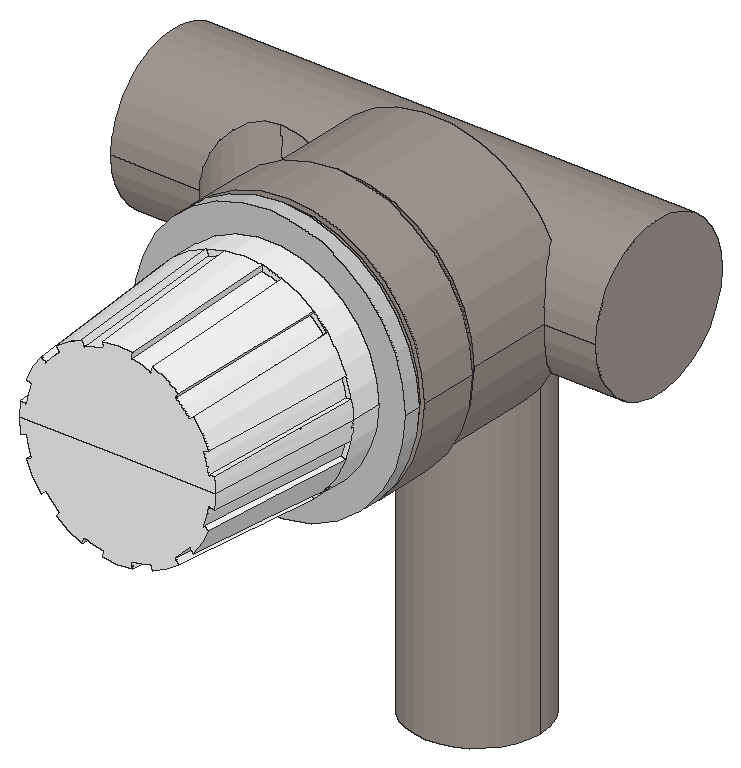
Revit family "PA_Арматура трубопроводов [клапан термостатический под приварку, VT.035]1 - VALTEC", category Арматура трубопроводов, Revit 2018
Family settings
  Размер круглого соединителя = Использовать диаметр
  Тип детали = Вставляется
  На основе рабочей плоскости = Нет
  Всегда вертикально = Да
  При загрузке вырезать с полостями = Нет
  Общий = Нет
Parameters (values of type "VT.035")
  угол 1 [instance] = if(Правый, 50.00°, 130.00°)  # 50.00°
  Таблица 1 = "PA_Арматура трубопроводов [клапан термостатический под приварку, VT.035] - VALTEC - Таблица 1"  # constant formula
  Правый [instance] = yes
  Материал доп.2 = Сталь, нержавеющая - VALTEC
  Материал доп.1 = Черный - VALTEC
  Левый [instance] = not(Правый)  # no
  Изготовитель = "VALTEC"  # constant formula
  Головка термостатическая [instance] = Колпачок : Колпачок
  n [instance] = if(Правый, 1 mm, 2 mm)  # 1 mm
  c7 [instance] = size_lookup(Таблица 1, "c7", 0 mm, n, D1)  # 2.6 mm
  c6 [instance] = size_lookup(Таблица 1, "c6", 0 mm, n, D1)  # 1.3 mm
  c5 [instance] = size_lookup(Таблица 1, "c5", 0 mm, n, D1)  # 9.9 mm
  c4 [instance] = size_lookup(Таблица 1, "c4", 0 mm, n, D1)  # 1.5 mm
  c3 [instance] = size_lookup(Таблица 1, "c3", 0 mm, n, D1)  # 18.8 mm
  c2 [instance] = size_lookup(Таблица 1, "c2", 0 mm, n, D1)  # 2.5 mm
  c1 [instance] = size_lookup(Таблица 1, "c1", 0 mm, n, D1)  # 6.2 mm
  b3 [instance] = size_lookup(Таблица 1, "b3", 0 mm, n, D1)  # -18 mm
  b2 [instance] = size_lookup(Таблица 1, "b2", 0 mm, n, D1)  # -51 mm
  MM_Геометрия [instance] = if(Головка термостатическая = [1!!!НЕ ИЗМЕНЯТЬ!!!], MM_1!!!НЕ ИЗМЕНЯТЬ!!!, if(Головка термостатическая = [2!!!НЕ ИЗМЕНЯТЬ!!!], MM_2!!!НЕ ИЗМЕНЯТЬ!!!, if(Головка термостатическая = [3!!!НЕ ИЗМЕНЯТЬ!!!], MM_3!!!НЕ ИЗМЕНЯТЬ!!!, if(Головка термостатическая = [4!!!НЕ ИЗМЕНЯТЬ!!!], MM_4!!!НЕ ИЗМЕНЯТЬ!!!, if(Головка термостатическая = [5!!!НЕ ИЗМЕНЯТЬ!!!], MM_4!!!НЕ ИЗМЕНЯТЬ!!!, if(Головка термостатическая = [6!!!НЕ ИЗМЕНЯТЬ!!!], MM_5!!!НЕ ИЗМЕНЯТЬ!!!, if(Головка термостатическая = [7!!!НЕ ИЗМЕНЯТЬ!!!], MM_6!!!НЕ ИЗМЕНЯТЬ!!!, if(Головка термостатическая = [8!!!НЕ ИЗМЕНЯТЬ!!!], MM_6!!!НЕ ИЗМЕНЯТЬ!!!, if(Головка термостатическая = [9!!!НЕ ИЗМЕНЯТЬ!!!], MM_6!!!НЕ ИЗМЕНЯТЬ!!!, if(Головка термостатическая = [10!!!НЕ ИЗМЕНЯТЬ!!!], MM_6!!!НЕ ИЗМЕНЯТЬ!!!, if(Головка термостатическая = [11!!!НЕ ИЗМЕНЯТЬ!!!], MM_7!!!НЕ ИЗМЕНЯТЬ!!!, if(Головка термостатическая = [12!!!НЕ ИЗМЕНЯТЬ!!!], MM_7!!!НЕ ИЗМЕНЯТЬ!!!, if(Головка термостатическая = [13!!!НЕ ИЗМЕНЯТЬ!!!], MM_7!!!НЕ ИЗМЕНЯТЬ!!!, MM_8!!!НЕ ИЗМЕНЯТЬ!!!)))))))))))))  # MM_Обобщенные модели [колпачок, VT.033.N] - VALTEC : VT.TE3042.0
  MM_8!!!НЕ ИЗМЕНЯТЬ!!! = MM_Обобщенные модели [колпачок, VT.033.N] - VALTEC : VT.TE3042.0
  MM_7!!!НЕ ИЗМЕНЯТЬ!!! = MM_Обобщенные модели [сервопривод электрический, VT.TE3042] - VALTEC : VT.TE3042.0
  MM_6!!!НЕ ИЗМЕНЯТЬ!!! = MM_Обобщенные модели [сервопривод электрический, VT.TE3040] - VALTEC : VT.TE3040
  MM_5!!!НЕ ИЗМЕНЯТЬ!!! = MM_Обобщенные модели [cервопривод EQUICALOR, VT.AS1000] - VALTEC : VT.AS1000
  MM_4!!!НЕ ИЗМЕНЯТЬ!!! = MM_Обобщенные модели [головка термостатическая жидкостная, VT.5000.0] - VALTEC : VT.5000.0 - VT.5010.0
  MM_3!!!НЕ ИЗМЕНЯТЬ!!! = MM_Обобщенные модели [головка термостатическая жидкостная, VT.3000.0] - VALTEC : VT.3000.0
  MM_2!!!НЕ ИЗМЕНЯТЬ!!! = MM_Обобщенные модели [головка термостатическая жидкостная, VT.1500.0] - VALTEC : VT.1500.0
  MM_1!!!НЕ ИЗМЕНЯТЬ!!! = MM_Обобщенные модели [головка термостатическая твердотельная, VT.1000.0] - VALTEC : VT.1000.0
  ME_Информация [instance] = if(Головка термостатическая = [1!!!НЕ ИЗМЕНЯТЬ!!!], ME_1!!!НЕ ИЗМЕНЯТЬ!!!, if(Головка термостатическая = [2!!!НЕ ИЗМЕНЯТЬ!!!], ME_2!!!НЕ ИЗМЕНЯТЬ!!!, if(Головка термостатическая = [3!!!НЕ ИЗМЕНЯТЬ!!!], ME_3!!!НЕ ИЗМЕНЯТЬ!!!, if(Головка термостатическая = [4!!!НЕ ИЗМЕНЯТЬ!!!], ME_4!!!НЕ ИЗМЕНЯТЬ!!!, if(Головка термостатическая = [5!!!НЕ ИЗМЕНЯТЬ!!!], ME_5!!!НЕ ИЗМЕНЯТЬ!!!, if(Головка термостатическая = [6!!!НЕ ИЗМЕНЯТЬ!!!], ME_6!!!НЕ ИЗМЕНЯТЬ!!!, if(Головка термостатическая = [7!!!НЕ ИЗМЕНЯТЬ!!!], ME_7!!!НЕ ИЗМЕНЯТЬ!!!, if(Головка термостатическая = [8!!!НЕ ИЗМЕНЯТЬ!!!], ME_8!!!НЕ ИЗМЕНЯТЬ!!!, if(Головка термостатическая = [9!!!НЕ ИЗМЕНЯТЬ!!!], ME_9!!!НЕ ИЗМЕНЯТЬ!!!, if(Головка термостатическая = [10!!!НЕ ИЗМЕНЯТЬ!!!], ME_10!!!НЕ ИЗМЕНЯТЬ!!!, if(Головка термостатическая = [11!!!НЕ ИЗМЕНЯТЬ!!!], ME_11!!!НЕ ИЗМЕНЯТЬ!!!, if(Головка термостатическая = [12!!!НЕ ИЗМЕНЯТЬ!!!], ME_12!!!НЕ ИЗМЕНЯТЬ!!!, if(Головка термостатическая = [13!!!НЕ ИЗМЕНЯТЬ!!!], ME_13!!!НЕ ИЗМЕНЯТЬ!!!, ME_14!!!НЕ ИЗМЕНЯТЬ!!!)))))))))))))  # ME_Оборудование [колпачек] - VALTEC : ME_Оборудование [колпачек] - VALTEC
  ME_9!!!НЕ ИЗМЕНЯТЬ!!! = ME_Оборудование [сервопривод электрический, VT.TE3041.0.024] - VALTEC : ME_Оборудование [сервопривод электрический, VT.TE3041.0.024] - VALTEC
  ME_8!!!НЕ ИЗМЕНЯТЬ!!! = ME_Оборудование [сервопривод электрический, VT.TE3040.A.220] - VALTEC : ME_Оборудование [сервопривод электрический, VT.TE3040.A.220] - VALTEC
  ME_7!!!НЕ ИЗМЕНЯТЬ!!! = ME_Оборудование [сервопривод электрический, VT.TE3040.0.220] - VALTEC : ME_Оборудование [сервопривод электрический, VT.TE3040.0.220] - VALTEC
  ME_6!!!НЕ ИЗМЕНЯТЬ!!! = ME_Оборудование [cервопривод EQUICALOR, VT.AS1000] - VALTEC : ME_Оборудование [cервопривод EQUICALOR, VT.AS1000] - VALTEC
  ME_5!!!НЕ ИЗМЕНЯТЬ!!! = ME_Оборудование [головка термостатическая жидкостная, VT.5010.0] - VALTEC : ME_Оборудование [головка термостатическая жидкостная, VT.5010.0] - VALTEC
  ME_4!!!НЕ ИЗМЕНЯТЬ!!! = ME_Оборудование [головка термостатическая жидкостная, VT.5000.0] - VALTEC : ME_Оборудование [головка термостатическая жидкостная, VT.5000.0] - VALTEC
  ME_3!!!НЕ ИЗМЕНЯТЬ!!! = ME_Оборудование [головка термостатическая жидкостная, VT.3000.0] - VALTEC : ME_Оборудование [головка термостатическая жидкостная, VT.3000.0] - VALTEC
  ME_2!!!НЕ ИЗМЕНЯТЬ!!! = ME_Оборудование [головка термостатическая жидкостная, VT.1500.0] - VALTEC : ME_Оборудование [головка термостатическая жидкостная, VT.1500.0] - VALTEC
  ME_14!!!НЕ ИЗМЕНЯТЬ!!! = ME_Оборудование [колпачек] - VALTEC : ME_Оборудование [колпачек] - VALTEC
  ME_13!!!НЕ ИЗМЕНЯТЬ!!! = ME_Оборудование [сервопривод электрический, VT.TE3042.A.220] - VALTEC : ME_Оборудование [сервопривод электрический, VT.TE3042.A.220] - VALTEC
  ME_12!!!НЕ ИЗМЕНЯТЬ!!! = ME_Оборудование [сервопривод электрический, VT.TE3042.0.220] - VALTEC : ME_Оборудование [сервопривод электрический, VT.TE3042.0.220] - VALTEC
  ME_11!!!НЕ ИЗМЕНЯТЬ!!! = ME_Оборудование [сервопривод электрический, VT.TE3042.0.024] - VALTEC : ME_Оборудование [сервопривод электрический, VT.TE3042.0.024] - VALTEC
  ME_10!!!НЕ ИЗМЕНЯТЬ!!! = ME_Оборудование [сервопривод электрический, VT.TE3041.A.024] - VALTEC : ME_Оборудование [сервопривод электрический, VT.TE3041.A.024] - VALTEC
  ME_1!!!НЕ ИЗМЕНЯТЬ!!! = ME_Оборудование [головка термостатическая твердотельная, VT.1000.0] - VALTEC : ME_Оборудование [головка термостатическая твердотельная, VT.1000.0] - VALTEC
  d6 [instance] = size_lookup(Таблица 1, "d6", 0 mm, n, D1)  # 43.3 mm
  d5 [instance] = size_lookup(Таблица 1, "d5", 0 mm, n, D1)  # 45 mm
  d4 [instance] = size_lookup(Таблица 1, "d4", 0 mm, n, D1)  # 42.9 mm
  d3 [instance] = size_lookup(Таблица 1, "d3", 0 mm, n, D1)  # 26.8 mm
  d2 [instance] = size_lookup(Таблица 1, "d2", 0 mm, n, D1)  # 21 mm
  d1 [instance] = size_lookup(Таблица 1, "d1", 0 mm, n, D1)  # 26 mm
  D1 [instance] = 20 mm
  b1 [instance] = size_lookup(Таблица 1, "b1", 0 mm, n, D1)  # 70 mm
  a2 [instance] = size_lookup(Таблица 1, "a2", 0 mm, n, D1)  # 30 mm
  a1 [instance] = size_lookup(Таблица 1, "a1", 0 mm, n, D1)  # 50 mm
  URL = "https://valtec.ru/"
  ADSK_Расход жидкости [instance] = 0.0 L/s
  ADSK_Примечание [instance] = ""
  ADSK_Потеря давления жидкости [instance] = 0.0 Pa
  ADSK_Позиция [instance] = ""
  ADSK_Обозначение [instance] = if(Правый, "VT.035.R", "VT.035.L")  # "VT.035.R"
  ADSK_Наименование [instance] = size_lookup(Таблица 1, "", "Данный типоразмер отсутствует", n, D1)  # "Клапан термостатический под приварку правый 26 х 21 х 26 мм"
  ADSK_Материал = RGB 173 158 156 - VALTEC
  ADSK_Масса [instance] = 0
  ADSK_Марка [instance] = if(Правый, "VT.035.R", "VT.035.L")  # "VT.035.R"
  ADSK_Код изделия [instance] = if(Правый, "VT.035.R.04", "VT.035.L.04")  # "VT.035.R.04"
  ADSK_Завод-изготовитель [instance] = Изготовитель  # "VALTEC"
  ADSK_Единица измерения [instance] = "шт."  # constant formula
  ADSK_URL страницы изделия = "https://valtec.ru/search/?qu=VT.035."
  ADSK_URL документации изделия = "https://valtec.ru/document/technical/VT.35-2013.pdf"
  D2 [instance] = 15 mm
  9!!!НЕ ИЗМЕНЯТЬ!!! = VT.TE3041.0.024 : VT.TE3041.0.024
  8!!!НЕ ИЗМЕНЯТЬ!!! = VT.TE3040.A.220 : VT.TE3040.A.220
  7!!!НЕ ИЗМЕНЯТЬ!!! = VT.TE3040.0.220 : VT.TE3040.0.220
  6!!!НЕ ИЗМЕНЯТЬ!!! = VT.AS1000 : VT.AS1000
  5!!!НЕ ИЗМЕНЯТЬ!!! = VT.5010.0.0 : VT.5010.0.0
  4!!!НЕ ИЗМЕНЯТЬ!!! = VT.5000.0.0 : VT.5000.0.0
  3!!!НЕ ИЗМЕНЯТЬ!!! = VT.3000.0.0 : VT.3000.0.0
  2!!!НЕ ИЗМЕНЯТЬ!!! = VT.1500.0.0 : VT.1500.0.0
  14!!!НЕ ИЗМЕНЯТЬ!!! = Колпачок : Колпачок
  13!!!НЕ ИЗМЕНЯТЬ!!! = VT.TE3042.A.220 : VT.TE3042.A.220
  12!!!НЕ ИЗМЕНЯТЬ!!! = VT.TE3042.0.220 : VT.TE3042.0.220
  11!!!НЕ ИЗМЕНЯТЬ!!! = VT.TE3042.0.024 : VT.TE3042.0.024
  10!!!НЕ ИЗМЕНЯТЬ!!! = VT.TE3041.A.024 : VT.TE3041.A.024
  1!!!НЕ ИЗМЕНЯТЬ!!! = VT.1000.0.0 : VT.1000.0.0
Reference planes
  plane 1 "По центру (Вперед/Назад)": y = 0
  plane 2: z = 0
  plane 3 "По центру (Влево/Вправо)": x = 0
  plane 4: x = 30
  plane 5: z = -70
  plane 6: x = -50
  plane 7: y = -6.2
  plane 8: y = -8.7
  plane 9: y = -27.5
  plane 10: y = -29
  plane 11: y = -38.9
  plane 12: y = -40.2
  plane 13: y = -42.8
Forms (mm)
  Extrusion 1, solid, material "RGB 173 158 156 - VALTEC" <- "ADSK_Материал", detail levels medium+fine
    sketch origin (0, 0, 0) x (1, 0, 0) y (0, 1, 0)
      loop
        circle (0, 0) r 10.5
    from -70 to 0
  Extrusion 2, solid, material "RGB 173 158 156 - VALTEC" <- "ADSK_Материал", detail levels medium+fine
    sketch origin (0, 0, 0) x (0, 1, 0) y (0, 0, 1)
      loop
        circle (0, 0) r 13
    from -50 to 30
  Blend 3, solid, material "RGB 173 158 156 - VALTEC" <- "ADSK_Материал", detail levels medium+fine
    base sketch origin (0, 0, 0) x (1, 0, 0) y (0, 0, 1)
      loop
        circle (0, 0) r 13.4
    top sketch origin (0, 0, 0) x (1, 0, 0) y (0, 0, 1)
      loop
        circle (0, 0) r 21.45
    from 6.2 to 8.7
  Extrusion 4, solid, material "RGB 173 158 156 - VALTEC" <- "ADSK_Материал", detail levels medium+fine
    sketch origin (0, 0, 0) x (1, 0, 0) y (0, 0, 1)
      loop
        circle (0, 0) r 21.45
    from 27.5 to 8.7
  Blend 5, solid, material "RGB 173 158 156 - VALTEC" <- "ADSK_Материал", detail levels medium+fine
    base sketch origin (0, 0, 0) x (1, 0, 0) y (0, 0, 1)
      loop
        circle (0, 0) r 21.45
    top sketch origin (0, 0, 0) x (1, 0, 0) y (0, 0, 1)
      loop
        circle (0, 0) r 22.5
    from 27.5 to 29
  Extrusion 6, solid, material "Сталь, нержавеющая - VALTEC" <- "Материал доп.2", detail levels medium+fine
    sketch origin (0, 0, 0) x (1, 0, 0) y (0, 0, 1)
      loop
        circle (0, 0) r 22.5
    from 40.2 to 42.8
  Extrusion 7, solid, material "RGB 173 158 156 - VALTEC" <- "ADSK_Материал", detail levels medium+fine
    sketch origin (0, 0, 0) x (1, 0, 0) y (0, 0, 1)
      loop
        circle (0, 0) r 22.5
    from 38.9 to 29
  Extrusion 8, solid, material "Черный - VALTEC" <- "Материал доп.1", detail levels medium+fine
    sketch origin (0, 0, 0) x (1, 0, 0) y (0, 0, 1)
      loop
        circle (0, 0) r 21.65
    from 38.9 to 40.2
  Extrusion 9, solid, material "RGB 173 158 156 - VALTEC" <- "ADSK_Материал", detail levels medium+fine
    sketch origin (0, -38.9, 0) x (0, 0, 1) y (-0.766044, -0.642788, 0)
      loop
        circle (0, 0) r 10.5
    from -18 <- "b3" to -51 <- "b2"
Cuts and joins
  joined: Extrusion 1, Extrusion 2, Blend 3, Extrusion 4, Blend 5, Extrusion 7, Extrusion 9
Lines and regions (mm)
  reference lines
    curve 1: line (0, -38.9, 0) -> (-32.641, 0, 0)
    curve 2: line (-50, 0, 0) -> (30, 0, 0)
    curve 3: line (0, 0, 0) -> (0, 0, -70)
  model lines, detail levels coarse
    curve 4: line (30, -15, 0) -> (30, 15, 0)
    curve 5: line (-50, 0, 0) -> (-30, 0, 0)
    curve 6: line (-30, 15, 0) -> (30, -15, 0)
    curve 7: line (30, 15, 0) -> (-30, -15, 0)
    curve 8: line (0, 0, 0) -> (0, -75, 0)
    curve 9: line (0, 0, 0) -> (-10, -17.321, 0)
    curve 10: line (0, 0, 0) -> (10, -17.321, 0)
    curve 18: line (0, 0, 0) -> (0, 0, -70)
    curve 20: line (-30, -15, 0) -> (-30, 15, 0)
  symbolic lines, detail levels coarse
    curve 11: line (-30, 0, 0) -> (-50, 0, 0)
    curve 12: line (30, 0, 15) -> (30, 0, -15)
    curve 13: line (-30, 0, 15) -> (30, 0, -15)
    curve 14: line (30, 0, 15) -> (-30, 0, -15)
    curve 15: line (0, 0, 0) -> (0, 0, 75)
    curve 16: line (0, 0, 0) -> (-10, 0, 17.321)
    curve 17: line (0, 0, 0) -> (10, 0, 17.321)
    curve 19: line (-30, 0, 15) -> (-30, 0, -15)
Dimensions and locks
  "a1": plane 6 to plane 3 "По центру (Влево/Вправо)"
  "a2": plane 3 "По центру (Влево/Вправо)" to plane 4
  "b1": plane 2 to plane 5
  "c1": plane 1 "По центру (Вперед/Назад)" to plane 7
  "c2": plane 7 to plane 8
  "c3": plane 8 to plane 9
  "c4": plane 9 to plane 10
  "c5": plane 10 to plane 11
  "c6": plane 11 to plane 12
  "c7": plane 12 to plane 13
  locked: curve 1 to curve 1 at 50.78
  "d2": diameter of Extrusion 1 sketch curve
  "d1": diameter of Extrusion 2 sketch curve
  "d3": diameter of Blend 3 sketch curve
  "d4": diameter of Blend 3 sketch curve
  "d4": diameter of Extrusion 4 sketch curve
  "d4": diameter of Blend 5 sketch curve
  "d5": diameter of Blend 5 sketch curve
  "d5": diameter of Extrusion 6 sketch curve
  "d5": diameter of Extrusion 7 sketch curve
  "d6": diameter of Extrusion 8 sketch curve
  "d2": diameter of Extrusion 9 sketch curve
  "угол 1": angle curve 1 to plane 11
  aligned and locked: level to plane 2
  aligned and locked: plane 3 "По центру (Влево/Вправо)" to Extrusion 1 sketch curve
  aligned and locked: plane 1 "По центру (Вперед/Назад)" to Extrusion 1 sketch curve
  aligned and locked: Extrusion 1 to plane 5
  aligned and locked: level to Extrusion 1
  aligned and locked: level to Extrusion 2 sketch curve
  aligned and locked: plane 1 "По центру (Вперед/Назад)" to Extrusion 2 sketch curve
  aligned and locked: plane 6 to Extrusion 2
  aligned and locked: Extrusion 2 to plane 4
  aligned and locked: plane 3 "По центру (Влево/Вправо)" to Blend 3 sketch curve  (x2)
  aligned and locked: level to Blend 3 sketch curve  (x2)
  aligned and locked: level to Extrusion 4 sketch curve
  aligned and locked: plane 3 "По центру (Влево/Вправо)" to Extrusion 4 sketch curve
  aligned and locked: level to Blend 5 sketch curve  (x2)
  aligned and locked: plane 3 "По центру (Влево/Вправо)" to Blend 5 sketch curve  (x2)
  aligned and locked: level to Extrusion 6 sketch curve
  aligned and locked: plane 3 "По центру (Влево/Вправо)" to Extrusion 6 sketch curve
  aligned and locked: plane 3 "По центру (Влево/Вправо)" to Extrusion 7 sketch curve
  aligned and locked: level to Extrusion 7 sketch curve
  aligned and locked: plane 3 "По центру (Влево/Вправо)" to Extrusion 8 sketch curve
  aligned and locked: level to Extrusion 8 sketch curve
  aligned and locked: Blend 3 to plane 7
  aligned and locked: plane 8 to Blend 3
  aligned and locked: Extrusion 4 to plane 8
  aligned and locked: plane 9 to Extrusion 4
  aligned and locked: Blend 5 to plane 9
  aligned and locked: plane 10 to Blend 5
  aligned and locked: Extrusion 7 to plane 10
  aligned and locked: plane 11 to Extrusion 7
  aligned and locked: Extrusion 8 to plane 11
  aligned and locked: plane 12 to Extrusion 8
  aligned and locked: Extrusion 6 to plane 12
  aligned and locked: plane 13 to Extrusion 6
  aligned and locked: plane 11 to curve 1
  aligned and locked: plane 3 "По центру (Влево/Вправо)" to curve 1
  aligned and locked: level to curve 3
  aligned and locked: plane 5 to curve 3
  aligned and locked: curve 3 to plane 3 "По центру (Влево/Вправо)"
  aligned and locked: plane 4 to curve 2
  aligned and locked: plane 6 to curve 2
  aligned and locked: curve 2 to level
  aligned and locked: nested 1 to plane 3 "По центру (Влево/Вправо)"
  aligned and locked: plane 1 "По центру (Вперед/Назад)" to nested 1
  aligned and locked: plane 13 to nested 2
  aligned and locked: level to nested 2
  aligned and locked: plane 3 "По центру (Влево/Вправо)" to nested 2
  aligned and locked: curve 4 to plane 4
  aligned and locked: plane 4 to curve 12
  aligned and locked: level to curve 18
  aligned and locked: plane 5 to curve 18
  aligned and locked: curve 18 to plane 3 "По центру (Влево/Вправо)"
  aligned and locked: plane 6 to curve 11
  aligned and locked: plane 6 to curve 5
Automatic sketch dimensions
  Extrusion 9 sketch curve to level = 0 mm
  curve 11 to level = 0 mm
  curve 15 to level = 0 mm
  curve 15 to plane 3 "По центру (Влево/Вправо)" = 0 mm
  curve 17 to level = 0 mm
  curve 19 to plane 6 = 20 mm
  curve 14 to curve 11 = 15 mm
  curve 12 to level = 15 mm
  level to curve 14 = 15 mm
  curve 16 to plane 3 "По центру (Влево/Вправо)" = 10 mm
  plane 3 "По центру (Влево/Вправо)" to curve 17 = 10 mm
  level to curve 17 = 17.321 mm
  level to curve 16 = 17.321 mm
  curve 17 to curve 15 = 57.679 mm
  plane 1 "По центру (Вперед/Назад)" to curve 5 = 0 mm
  plane 1 "По центру (Вперед/Назад)" to curve 10 = 0 mm
  curve 10 to plane 3 "По центру (Влево/Вправо)" = 0 mm
  plane 1 "По центру (Вперед/Назад)" to curve 8 = 0 mm
  plane 1 "По центру (Вперед/Назад)" to curve 9 = 0 mm
  curve 20 to plane 6 = 20 mm
  plane 8 to curve 4 = 6.3 mm
  plane 8 to curve 20 = 6.3 mm
  curve 4 to plane 1 "По центру (Вперед/Назад)" = 15 mm
  curve 9 to plane 3 "По центру (Влево/Вправо)" = 10 mm
  plane 3 "По центру (Влево/Вправо)" to curve 10 = 10 mm
  plane 8 to curve 9 = 8.621 mm
  plane 8 to curve 10 = 8.621 mm
  plane 13 to curve 8 = 32.2 mm
Nested families
  nested 1: "ME_Оборудование [колпачек] - VALTEC" at (0, 0, 0), type <- "ME_Информация", type "ME_Оборудование [колпачек] - VALTEC", detail levels medium
    with ADSK_Примечание "", ADSK_Позиция "", ADSK_Обозначение "VT.1000.0", ADSK_Наименование "Головка термостатическая твердотельная ", ADSK_Масса 0, ADSK_Код изделия "VT.1000.0.0", ADSK_Завод-изготовитель "VALTEC", ADSK_Единица измерения "шт."
  nested 2: "MM_Обобщенные модели [колпачок, VT.033.N] - VALTEC" at (0, -42.8, 0) x (1, 0, 0) z (0, -1, 0), type <- "MM_Геометрия", type "VT.TE3042.0", detail levels medium+fine
Connectors
  piping at (-50, 0, 0), diameter 20, driven by "D1", driven by "ADSK_Расход жидкости"
    settings: on curve 2, index 1, connector inside diameter 609.6 mm, connector length 0 mm, flow factor 0, pipe flow 0.0 L/s, pressure drop 0.0 Pa, fitting loss kfactor 0, connector angle 0.00°, fixture units 0, engagement length 0 mm, angle of deflection 0.00°, flow configuration 0, flow direction 0, fitting loss method 0, system type 7, joint type 0, gender type 0, connector reference index 2, connector utility 0, adjustable connector no, is connector primary yes, connector description ""
  piping at (30, 0, 0), diameter 20, driven by "D1", driven by "ADSK_Расход жидкости"
    settings: on curve 2, index 2, connector inside diameter 609.6 mm, connector length 0 mm, flow factor 0, pipe flow 0.0 L/s, pressure drop 0.0 Pa, fitting loss kfactor 0, connector angle 0.00°, fixture units 0, engagement length 0 mm, angle of deflection 0.00°, flow configuration 0, flow direction 0, fitting loss method 0, system type 7, joint type 0, gender type 0, connector reference index 1, connector utility 0, adjustable connector no, is connector primary no, connector description ""
  piping at (0, 0, -70), diameter 15, driven by "D2", driven by "ADSK_Расход жидкости", driven by "ADSK_Потеря давления жидкости"
    settings: on curve 3, index 3, connector inside diameter 609.6 mm, connector length 0 mm, flow factor 0, pipe flow 0.0 L/s, pressure drop 0.0 Pa, fitting loss kfactor 0, connector angle 0.00°, fixture units 0, engagement length 0 mm, angle of deflection 0.00°, flow configuration 0, flow direction 2, fitting loss method 4, system type 7, joint type 0, gender type 0, connector reference index -1, connector utility 0, adjustable connector no, is connector primary no, connector description ""
Definition of nested family "ME_Оборудование [колпачек] - VALTEC"
  Parameters (values of type "ME_Оборудование [колпачек] - VALTEC")
    Manufacturer = "VALTEC"  # constant formula
    URL = "https://valtec.ru/"
    D = 10 mm  # constant formula
    ADSK_Примечание [instance] = ""
    ADSK_Позиция [instance] = ""
    ADSK_Обозначение [instance] = "VT.1000.0"
    ADSK_Наименование [instance] = "Головка термостатическая твердотельная "
    ADSK_Материал = none
    ADSK_Масса [instance] = 0
    ADSK_Код изделия [instance] = "VT.1000.0.0"
    ADSK_Завод-изготовитель [instance] = "VALTEC"  # constant formula
    ADSK_Единица измерения [instance] = "шт."  # constant formula
    ADSK_URL страницы изделия = "https://valtec.ru/catalog/elementy_avtomatiki/termogolovki_i_privody/golovka_termostaticheskaya_tverdotelnaya_vt10000.html"
    ADSK_URL документации изделия = "https://valtec.ru/document/technical/VT.1000-0916.pdf"
  Reference planes
    plane 1 "По центру (Вперед/Назад)": y = 0
    plane 2: z = 0
    plane 3 "По центру (Влево/Вправо)": x = 0
  Forms (mm)
    Revolve 1, solid, material <- "ADSK_Материал"
      sketch origin (0, 0, 0) x (1, 0, 0) y (0, 1, 0)
        loop
          line (0, -5) -> (0, 5)
          arc (0, 5) -> (-5, 0) -> (0, -5) r 5
        axis (0, 5) -> (0, -5)
      angle from 0 to 360
  Lines and regions (mm)
    reference lines
      curve 1: line (0, 5, 0) -> (0, -5, 0)
      curve 2: line (-5, 0, 0) -> (5, 0, 0)
      curve 3: line (0, 0, 5) -> (0, 0, -5)
  Dimensions and locks
    equal spacing: curve 1, plane 1 "По центру (Вперед/Назад)", curve 1
    "D": curve 1 to curve 1
    equal spacing: curve 2, plane 3 "По центру (Влево/Вправо)", curve 2
    "D": curve 2 to curve 2
    equal spacing: curve 3, level, curve 3
    "D": curve 3 to curve 3
    "D": diameter of Revolve 1 sketch curve
    aligned and locked: level to plane 2
    aligned and locked: curve 1 to plane 3 "По центру (Влево/Вправо)"
    aligned and locked: Revolve 1 sketch curve to plane 3 "По центру (Влево/Вправо)"  (x2)
    aligned and locked: plane 1 "По центру (Вперед/Назад)" to curve 2
    aligned and locked: curve 3 to plane 3 "По центру (Влево/Вправо)"
  Automatic sketch dimensions
    plane 1 "По центру (Вперед/Назад)" to Revolve 1 sketch curve = 0 mm
    Revolve 1 sketch curve to Revolve 1 sketch curve = 1995 mm  (x2)
Definition of nested family "MM_Обобщенные модели [колпачок, VT.033.N] - VALTEC"
  Parameters (values of type "VT.TE3042.0")
    Default Elevation = 1219.2 mm
    Manufacturer = ""
    URL = ""
    ADSK_Материал = none
  Reference planes
    plane 1 "По центру (Вперед/Назад)": y = 0
    plane 2: z = 0
    plane 3 "По центру (Влево/Вправо)": x = 0
    plane 4: z = 31.3
    plane 5: y = 5.5
    plane 6: y = -5.5
    plane 7: z = 5.3
    plane 8: x = -18
    plane 9: x = -16.15
    plane 10: x = 18
    plane 11: x = 16.15
  Forms (mm)
    Revolve 1, solid, material <- "ADSK_Материал"
      sketch origin (0, 0, 0) x (1, 0, 0) y (0, 0, 1)
        loop
          line (-18, 5.3) -> (-18, 0) -> (0, 0) -> (0, 31.3) -> (-16.15, 31.3) -> (-18, 5.3)
        axis (0, 31.3) -> (0, 0)
      angle from 0 to 360
    Blend 2, void
      base sketch origin (0, 0, 0) x (1, 0, 0) y (0, 1, 0)
        loop
          line (-18.697, 3.228) -> (-16.84, 2.907)
          arc (-16.84, 2.907) -> (-16.511, 4.424) -> (-16.037, 5.902) r 16.15
          line (-16.037, 5.902) -> (-17.809, 6.554)
          arc (-17.809, 6.554) -> (-18.333, 4.912) -> (-18.697, 3.228) r 18
      top sketch origin (0, 0, 0) x (1, 0, 0) y (0, 1, 0)
        loop
          arc (-15.66, 6.09) -> (-16.219, 4.347) -> (-16.576, 2.551) r 16.15
          line (-16.576, 2.551) -> (-15, 2.308)
          arc (-15, 2.308) -> (-14.665, 3.93) -> (-14.145, 5.501) r 14.25
          line (-14.145, 5.501) -> (-15.66, 6.09)
      from 5.3 to 31.3
    Blend 3, void
      base sketch origin (0, 0, 0) x (0.866025, -0.5, 0) y (0.5, 0.866025, 0)
        loop
          line (-18.697, 3.228) -> (-16.84, 2.907)
          arc (-16.84, 2.907) -> (-16.511, 4.424) -> (-16.037, 5.902) r 16.15
          line (-16.037, 5.902) -> (-17.809, 6.554)
          arc (-17.809, 6.554) -> (-18.333, 4.912) -> (-18.697, 3.228) r 18
      top sketch origin (0, 0, 0) x (0.866025, -0.5, 0) y (0.5, 0.866025, 0)
        loop
          arc (-15.66, 6.09) -> (-16.219, 4.347) -> (-16.576, 2.551) r 16.15
          line (-16.576, 2.551) -> (-15, 2.308)
          arc (-15, 2.308) -> (-14.665, 3.93) -> (-14.145, 5.501) r 14.25
          line (-14.145, 5.501) -> (-15.66, 6.09)
      from 5.3 to 31.3
    Blend 4, void
      base sketch origin (0, 0, 0) x (0.5, -0.866025, 0) y (0.866025, 0.5, 0)
        loop
          line (-18.697, 3.228) -> (-16.84, 2.907)
          arc (-16.84, 2.907) -> (-16.511, 4.424) -> (-16.037, 5.902) r 16.15
          line (-16.037, 5.902) -> (-17.809, 6.554)
          arc (-17.809, 6.554) -> (-18.333, 4.912) -> (-18.697, 3.228) r 18
      top sketch origin (0, 0, 0) x (0.5, -0.866025, 0) y (0.866025, 0.5, 0)
        loop
          arc (-15.66, 6.09) -> (-16.219, 4.347) -> (-16.576, 2.551) r 16.15
          line (-16.576, 2.551) -> (-15, 2.308)
          arc (-15, 2.308) -> (-14.665, 3.93) -> (-14.145, 5.501) r 14.25
          line (-14.145, 5.501) -> (-15.66, 6.09)
      from 5.3 to 31.3
    Blend 5, void
      base sketch origin (0, 0, 0) x (0, -1, 0) y (1, 0, 0)
        loop
          line (-18.697, 3.228) -> (-16.84, 2.907)
          arc (-16.84, 2.907) -> (-16.511, 4.424) -> (-16.037, 5.902) r 16.15
          line (-16.037, 5.902) -> (-17.809, 6.554)
          arc (-17.809, 6.554) -> (-18.333, 4.912) -> (-18.697, 3.228) r 18
      top sketch origin (0, 0, 0) x (0, -1, 0) y (1, 0, 0)
        loop
          arc (-15.66, 6.09) -> (-16.219, 4.347) -> (-16.576, 2.551) r 16.15
          line (-16.576, 2.551) -> (-15, 2.308)
          arc (-15, 2.308) -> (-14.665, 3.93) -> (-14.145, 5.501) r 14.25
          line (-14.145, 5.501) -> (-15.66, 6.09)
      from 5.3 to 31.3
    Blend 6, void
      base sketch origin (0, 0, 0) x (-0.5, -0.866025, 0) y (0.866025, -0.5, 0)
        loop
          line (-18.697, 3.228) -> (-16.84, 2.907)
          arc (-16.84, 2.907) -> (-16.511, 4.424) -> (-16.037, 5.902) r 16.15
          line (-16.037, 5.902) -> (-17.809, 6.554)
          arc (-17.809, 6.554) -> (-18.333, 4.912) -> (-18.697, 3.228) r 18
      top sketch origin (0, 0, 0) x (-0.5, -0.866025, 0) y (0.866025, -0.5, 0)
        loop
          arc (-15.66, 6.09) -> (-16.219, 4.347) -> (-16.576, 2.551) r 16.15
          line (-16.576, 2.551) -> (-15, 2.308)
          arc (-15, 2.308) -> (-14.665, 3.93) -> (-14.145, 5.501) r 14.25
          line (-14.145, 5.501) -> (-15.66, 6.09)
      from 5.3 to 31.3
    Blend 7, void
      base sketch origin (0, 0, 0) x (-0.866025, -0.5, 0) y (0.5, -0.866025, 0)
        loop
          line (-18.697, 3.228) -> (-16.84, 2.907)
          arc (-16.84, 2.907) -> (-16.511, 4.424) -> (-16.037, 5.902) r 16.15
          line (-16.037, 5.902) -> (-17.809, 6.554)
          arc (-17.809, 6.554) -> (-18.333, 4.912) -> (-18.697, 3.228) r 18
      top sketch origin (0, 0, 0) x (-0.866025, -0.5, 0) y (0.5, -0.866025, 0)
        loop
          arc (-15.66, 6.09) -> (-16.219, 4.347) -> (-16.576, 2.551) r 16.15
          line (-16.576, 2.551) -> (-15, 2.308)
          arc (-15, 2.308) -> (-14.665, 3.93) -> (-14.145, 5.501) r 14.25
          line (-14.145, 5.501) -> (-15.66, 6.09)
      from 5.3 to 31.3
    Blend 8, void
      base sketch origin (0, 0, 0) x (-1, 0, 0) y (0, -1, 0)
        loop
          line (-18.697, 3.228) -> (-16.84, 2.907)
          arc (-16.84, 2.907) -> (-16.511, 4.424) -> (-16.037, 5.902) r 16.15
          line (-16.037, 5.902) -> (-17.809, 6.554)
          arc (-17.809, 6.554) -> (-18.333, 4.912) -> (-18.697, 3.228) r 18
      top sketch origin (0, 0, 0) x (-1, 0, 0) y (0, -1, 0)
        loop
          arc (-15.66, 6.09) -> (-16.219, 4.347) -> (-16.576, 2.551) r 16.15
          line (-16.576, 2.551) -> (-15, 2.308)
          arc (-15, 2.308) -> (-14.665, 3.93) -> (-14.145, 5.501) r 14.25
          line (-14.145, 5.501) -> (-15.66, 6.09)
      from 5.3 to 31.3
    Blend 9, void
      base sketch origin (0, 0, 0) x (-0.866025, 0.5, 0) y (-0.5, -0.866025, 0)
        loop
          line (-18.697, 3.228) -> (-16.84, 2.907)
          arc (-16.84, 2.907) -> (-16.511, 4.424) -> (-16.037, 5.902) r 16.15
          line (-16.037, 5.902) -> (-17.809, 6.554)
          arc (-17.809, 6.554) -> (-18.333, 4.912) -> (-18.697, 3.228) r 18
      top sketch origin (0, 0, 0) x (-0.866025, 0.5, 0) y (-0.5, -0.866025, 0)
        loop
          arc (-15.66, 6.09) -> (-16.219, 4.347) -> (-16.576, 2.551) r 16.15
          line (-16.576, 2.551) -> (-15, 2.308)
          arc (-15, 2.308) -> (-14.665, 3.93) -> (-14.145, 5.501) r 14.25
          line (-14.145, 5.501) -> (-15.66, 6.09)
      from 5.3 to 31.3
    Blend 10, void
      base sketch origin (0, 0, 0) x (-0.5, 0.866025, 0) y (-0.866025, -0.5, 0)
        loop
          line (-18.697, 3.228) -> (-16.84, 2.907)
          arc (-16.84, 2.907) -> (-16.511, 4.424) -> (-16.037, 5.902) r 16.15
          line (-16.037, 5.902) -> (-17.809, 6.554)
          arc (-17.809, 6.554) -> (-18.333, 4.912) -> (-18.697, 3.228) r 18
      top sketch origin (0, 0, 0) x (-0.5, 0.866025, 0) y (-0.866025, -0.5, 0)
        loop
          arc (-15.66, 6.09) -> (-16.219, 4.347) -> (-16.576, 2.551) r 16.15
          line (-16.576, 2.551) -> (-15, 2.308)
          arc (-15, 2.308) -> (-14.665, 3.93) -> (-14.145, 5.501) r 14.25
          line (-14.145, 5.501) -> (-15.66, 6.09)
      from 5.3 to 31.3
    Blend 11, void
      base sketch origin (0, 0, 0) x (0, 1, 0) y (-1, 0, 0)
        loop
          line (-18.697, 3.228) -> (-16.84, 2.907)
          arc (-16.84, 2.907) -> (-16.511, 4.424) -> (-16.037, 5.902) r 16.15
          line (-16.037, 5.902) -> (-17.809, 6.554)
          arc (-17.809, 6.554) -> (-18.333, 4.912) -> (-18.697, 3.228) r 18
      top sketch origin (0, 0, 0) x (0, 1, 0) y (-1, 0, 0)
        loop
          arc (-15.66, 6.09) -> (-16.219, 4.347) -> (-16.576, 2.551) r 16.15
          line (-16.576, 2.551) -> (-15, 2.308)
          arc (-15, 2.308) -> (-14.665, 3.93) -> (-14.145, 5.501) r 14.25
          line (-14.145, 5.501) -> (-15.66, 6.09)
      from 5.3 to 31.3
    Blend 12, void
      base sketch origin (0, 0, 0) x (0.5, 0.866025, 0) y (-0.866025, 0.5, 0)
        loop
          line (-18.697, 3.228) -> (-16.84, 2.907)
          arc (-16.84, 2.907) -> (-16.511, 4.424) -> (-16.037, 5.902) r 16.15
          line (-16.037, 5.902) -> (-17.809, 6.554)
          arc (-17.809, 6.554) -> (-18.333, 4.912) -> (-18.697, 3.228) r 18
      top sketch origin (0, 0, 0) x (0.5, 0.866025, 0) y (-0.866025, 0.5, 0)
        loop
          arc (-15.66, 6.09) -> (-16.219, 4.347) -> (-16.576, 2.551) r 16.15
          line (-16.576, 2.551) -> (-15, 2.308)
          arc (-15, 2.308) -> (-14.665, 3.93) -> (-14.145, 5.501) r 14.25
          line (-14.145, 5.501) -> (-15.66, 6.09)
      from 5.3 to 31.3
    Blend 13, void
      base sketch origin (0, 0, 0) x (0.866025, 0.5, 0) y (-0.5, 0.866025, 0)
        loop
          line (-18.697, 3.228) -> (-16.84, 2.907)
          arc (-16.84, 2.907) -> (-16.511, 4.424) -> (-16.037, 5.902) r 16.15
          line (-16.037, 5.902) -> (-17.809, 6.554)
          arc (-17.809, 6.554) -> (-18.333, 4.912) -> (-18.697, 3.228) r 18
      top sketch origin (0, 0, 0) x (0.866025, 0.5, 0) y (-0.5, 0.866025, 0)
        loop
          arc (-15.66, 6.09) -> (-16.219, 4.347) -> (-16.576, 2.551) r 16.15
          line (-16.576, 2.551) -> (-15, 2.308)
          arc (-15, 2.308) -> (-14.665, 3.93) -> (-14.145, 5.501) r 14.25
          line (-14.145, 5.501) -> (-15.66, 6.09)
      from 5.3 to 31.3
  Cuts and joins
    Blend 2, Blend 3, Blend 4, Blend 5, Blend 6, Blend 7, Blend 8, Blend 9, Blend 10, Blend 11, Blend 12, Blend 13 cuts Revolve 1
  Lines and regions (mm)
    reference lines
      curve 1: line (0, 0, 0) -> (0, 0, 25)
      curve 2: line (0, -12.5, 0) -> (0, 12.5, 0)
      curve 3: line (12.5, 0, 0) -> (-12.5, 0, 0)
  Dimensions and locks
    plane 6 to plane 1 "По центру (Вперед/Назад)" to plane 5 = 5.5 mm locked, 5.5 mm locked
    locked: plane 7 to plane 2 at 5.3
    locked: plane 4 to plane 7 at 26
    locked: plane 3 "По центру (Влево/Вправо)" to plane 9 at 16.15
    locked: plane 3 "По центру (Влево/Вправо)" to plane 8 at 18
    locked: plane 3 "По центру (Влево/Вправо)" to plane 11 at 16.15
    locked: plane 3 "По центру (Влево/Вправо)" to plane 10 at 18
    aligned and locked: level to plane 2
    aligned and locked: plane 9 to Revolve 1 sketch curve
    aligned and locked: plane 7 to Revolve 1 sketch curve
    aligned and locked: plane 3 "По центру (Влево/Вправо)" to Revolve 1 sketch curve
    aligned and locked: plane 4 to Revolve 1 sketch curve
    aligned and locked: Revolve 1 sketch curve to level
    aligned and locked: Revolve 1 sketch curve to plane 8
    aligned and locked: Revolve 1 sketch curve to plane 3 "По центру (Влево/Вправо)"
